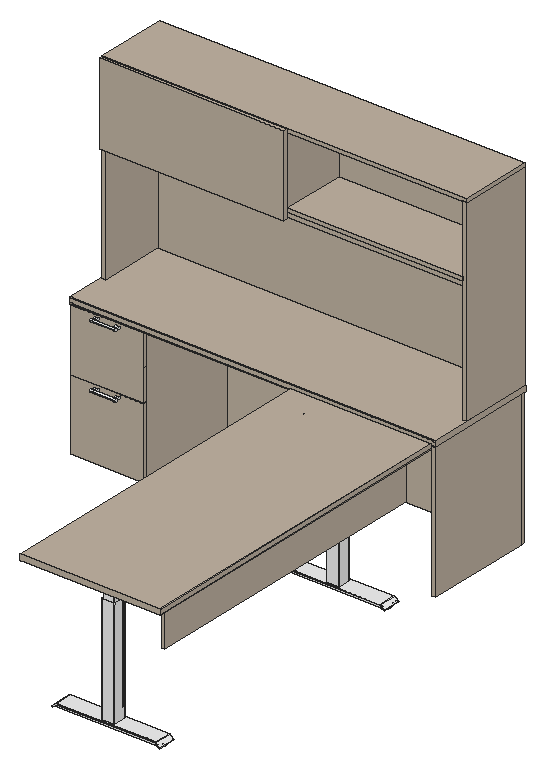
Revit family "JSI-Vision-Typical_Laminate-VST012", category Furniture, Revit 2020 (continued)
Definition of nested family "JSI-Vision-Adj_Table_Standard_Range"
  Definition of nested family "Adj Base"
    Dimensions and locks (in)
      Extrusion 8 sketch curve to Extrusion 8 sketch curve to plane 5 = 2.14567" locked, 5.02362" locked
      Extrusion 8 sketch curve to Extrusion 8 sketch curve to plane 3 "Center (Left/Right)" = 2.14567" locked, 5.02362" locked
      Extrusion 8 sketch curve to plane 1 "Center (Front/Back)" to Extrusion 8 sketch curve = 1.07283" locked, 1.07283" locked
      Extrusion 1 sketch curve to Extrusion 1 sketch curve to Extrusion 1 sketch curve to plane 4 = 1.57541" locked, 0.275" locked, 1.49065" locked
      Extrusion 1 sketch curve to Extrusion 1 sketch curve to Extrusion 1 sketch curve to Extrusion 1 sketch curve to plane 3 "Center (Left/Right)" = 0.5621" locked, 0.50019" locked, 7.59913" locked, 3.93731" locked
      plane 5 to Extrusion 1 sketch curve to Extrusion 1 sketch curve to Extrusion 1 sketch curve = 3.93731" locked, 7.59913" locked, 1.06228" locked
      Extrusion 2 sketch curve to Extrusion 2 sketch curve to Extrusion 2 sketch curve to Extrusion 2 sketch curve to plane 1 "Center (Front/Back)" to Extrusion 2 sketch curve to Extrusion 2 sketch curve to Extrusion 2 sketch curve to Extrusion 2 sketch curve = 0.09508" locked, 0.59852" locked, 3/32" locked, 1.91932" locked, 1.91932" locked, 3/32" locked, 0.59852" locked, 0.09508" locked
      locked: plane 4 to plane 6 at 1.1875
      Extrusion 8 to Extrusion 8 to plane 6 = 23.38581" locked, 2.15356" locked
      Extrusion 3 sketch curve to Extrusion 3 sketch curve to Extrusion 3 sketch curve to Extrusion 3 sketch curve to plane 1 "Center (Front/Back)" to Extrusion 3 sketch curve to Extrusion 3 sketch curve to Extrusion 3 sketch curve to Extrusion 3 sketch curve = 0.1181" locked, 0.35433" locked, 0.1181" locked, 2.03741" locked, 2.03741" locked, 0.1181" locked, 0.35433" locked, 0.1181" locked
      plane 6 to Extrusion 3 sketch curve to Extrusion 3 sketch curve to Extrusion 3 sketch curve to Extrusion 3 sketch curve = 0.19685" locked, 0.1181" locked, 0.5512" locked, 0.1181" locked
      Extrusion 9 sketch curve to Extrusion 9 sketch curve to Extrusion 9 sketch curve to Extrusion 9 sketch curve to plane 3 "Center (Left/Right)" = 1.41947" locked, 0.03723" locked, 0.11811" locked, 3 1/2" locked
      Extrusion 9 sketch curve to Extrusion 9 sketch curve to Extrusion 9 sketch curve to Extrusion 9 sketch curve to plane 5 = 1.41947" locked, 0.03723" locked, 0.11811" locked, 3 1/2" locked
      plane 6 to Extrusion 9 sketch curve to Extrusion 9 sketch curve to Extrusion 9 sketch curve = 0.11811" locked, 0.03723" locked, 2.01002" locked
      locked: plane 5 to Extrusion 10 at 1.99765
      locked: plane 3 "Center (Left/Right)" to Extrusion 10 at 1.99619
      Extrusion 10 sketch curve to plane 6 to Extrusion 10 sketch curve to Extrusion 10 sketch curve to Extrusion 10 sketch curve to Extrusion 10 sketch curve = 0.34478" locked, 0.37526" locked, 0.2783" locked, 1 1/2" locked, 0.50165" locked
      Extrusion 10 sketch curve to Extrusion 10 sketch curve to Extrusion 10 sketch curve to Extrusion 10 sketch curve to plane 1 "Center (Front/Back)" to Extrusion 10 sketch curve to Extrusion 10 sketch curve to Extrusion 10 sketch curve to Extrusion 10 sketch curve = 1/2" locked, 1/2" locked, 6.67046" locked, 2.47521" locked, 2.47521" locked, 6.67046" locked, 1/2" locked, 1/2" locked
      Extrusion 11 sketch curve to Extrusion 11 sketch curve to Extrusion 11 sketch curve to Extrusion 11 sketch curve to Extrusion 11 sketch curve to Extrusion 11 sketch curve to Extrusion 11 sketch curve to Extrusion 11 sketch curve = 3/32" locked, 0.59852" locked, 0.09508" locked, 3.83863" locked, 0.09508" locked, 0.59852" locked, 3/32" locked
      Extrusion 11 to Extrusion 3 to plane 5 = 5.86615" locked, 17.88976" locked
      Extrusion 2 to Extrusion 3 to plane 3 "Center (Left/Right)" = 5.86615" locked, 17.88976" locked
      Revolve 12 sketch curve to Revolve 12 sketch curve to Revolve 12 sketch curve to plane 7 = 0.1964" locked, 0.63019" locked, 0.15765" locked
      Revolve 13 sketch curve to Revolve 13 sketch curve to Revolve 13 sketch curve = 0.1964" locked, 0.63019" locked
      Revolve 13 to plane 1 "Center (Front/Back)" to Revolve 12 = 10.27547" locked, 10.27559" locked
      Revolve 14 sketch curve to Revolve 14 sketch curve to Revolve 14 sketch curve to plane 8 = 0.1964" locked, 0.63019" locked, 0.15765" locked
      Revolve 15 sketch curve to Revolve 15 sketch curve to Revolve 15 sketch curve = 0.1964" locked, 0.63019" locked
      Revolve 15 to Revolve 14 = 20.55106"
      Revolve 14 to plane 1 "Center (Front/Back)" to Revolve 15 = 10.27559" locked, 10.27547" locked
      locked: Extrusion 16 sketch curve to Extrusion 16 sketch curve at 0.62992
      Extrusion 16 sketch curve to plane 1 "Center (Front/Back)" to Extrusion 16 sketch curve = 11.14173" locked, 11.14173" locked
      "W Top": plane 3 "Center (Left/Right)" to plane 5
      locked: plane 3 "Center (Left/Right)" to plane 7 at 6.09647
      locked: plane 8 to plane 5 at 6.09647
      aligned and locked: plane 2 to level
      aligned and locked: Extrusion 7 to Extrusion 4
      aligned and locked: Extrusion 8 to Extrusion 1
      aligned and locked: Extrusion 3 sketch curve to Extrusion 3 sketch curve  (x2)
      aligned and locked: Extrusion 9 sketch curve to plane 6  (x2)
      aligned and locked: Extrusion 9 sketch curve to Extrusion 9 sketch curve  (x2)
      aligned and locked: Extrusion 2 to cut or joined group of Extrusion 9, Extrusion 10
      aligned and locked: Extrusion 10 sketch curve to Extrusion 10 sketch curve
      aligned and locked: Extrusion 11 to cut or joined group of Extrusion 9, Extrusion 10
      aligned and locked: plane 7 to Revolve 12 sketch curve
      aligned and locked: plane 8 to Revolve 14 sketch curve
      aligned and locked: curve 1 to Extrusion 4
      aligned and locked: curve 2 to Extrusion 4
      aligned and locked: curve 3 to Extrusion 4
      aligned and locked: curve 4 to Extrusion 4
      aligned and locked: curve 5 to Extrusion 6
      aligned and locked: Extrusion 6 to curve 6
      aligned and locked: curve 7 to Extrusion 6
      aligned and locked: curve 8 to Extrusion 6
      aligned and locked: curve 9 to cut or joined group of Extrusion 9, Extrusion 10
      aligned and locked: curve 10 to cut or joined group of Extrusion 9, Extrusion 10
      aligned and locked: cut or joined group of Extrusion 9, Extrusion 10 to curve 11
      aligned and locked: curve 12 to cut or joined group of Extrusion 9, Extrusion 10
      aligned and locked: curve 13 to cut or joined group of Extrusion 9, Extrusion 10
      aligned and locked: curve 14 to cut or joined group of Extrusion 9, Extrusion 10
      aligned and locked: curve 15 to cut or joined group of Extrusion 9, Extrusion 10
      aligned and locked: curve 16 to cut or joined group of Extrusion 9, Extrusion 10
      aligned and locked: Extrusion 2 to curve 31
      aligned and locked: Extrusion 2 to curve 32
      aligned and locked: Extrusion 11 to curve 31
      aligned and locked: Extrusion 11 to curve 32
      aligned and locked: Extrusion 2 to curve 33
      aligned and locked: Extrusion 2 to curve 34
      aligned and locked: Extrusion 11 to curve 33
      aligned and locked: Extrusion 11 to curve 34
    Automatic sketch dimensions
      Extrusion 3 sketch curve to Extrusion 3 sketch curve = 0.1181"  (x3)
      level to Extrusion 4 sketch curve = 1.1022"  (x2)
      Extrusion 4 sketch curve to Extrusion 4 sketch curve = 0.1607"  (x2)
      level to Extrusion 4 sketch curve = 0.99371"
      Extrusion 4 sketch curve to Extrusion 4 sketch curve = 0.07561"
      Extrusion 4 sketch curve to Extrusion 4 sketch curve = 0.08017"
      level to Extrusion 4 sketch curve = 0.99365"
      Extrusion 4 sketch curve to Extrusion 4 sketch curve = 0.09554"
      Extrusion 4 sketch curve to Extrusion 4 sketch curve = 0.01252"
      level to Extrusion 6 sketch curve = 0.4268"
      plane 1 "Center (Front/Back)" to Extrusion 6 sketch curve = 11.48879"
      level to Extrusion 6 sketch curve = 1.1022"  (x2)
      Extrusion 6 sketch curve to Extrusion 6 sketch curve = 0.1607"  (x2)
      level to Extrusion 6 sketch curve = 0.99371"
      Extrusion 6 sketch curve to Extrusion 6 sketch curve = 0.08017"
      level to Extrusion 6 sketch curve = 0.99365"
      Extrusion 6 sketch curve to Extrusion 6 sketch curve = 0.08035"
      level to Extrusion 16 sketch curve = 0.89789"
      level to Extrusion 16 sketch curve = 0.99365"
      Extrusion 16 sketch curve to Extrusion 16 sketch curve = 0.08035"
      Extrusion 16 sketch curve to Extrusion 16 sketch curve = 0.62321"
      Extrusion 16 sketch curve to Extrusion 16 sketch curve = 0.54294"
      Extrusion 16 sketch curve to Extrusion 16 sketch curve = 0.08017"
      Extrusion 16 sketch curve to Extrusion 16 sketch curve = 0.14516"  (x2)
      Extrusion 16 sketch curve to Extrusion 16 sketch curve = 0.12472"
      Extrusion 1 sketch curve to Extrusion 1 sketch curve = 0.5621"
      Extrusion 2 sketch curve to Extrusion 2 sketch curve = 0.0984"  (x4)
      Extrusion 2 sketch curve to plane 6 = 1.49606"  (x2)
      Extrusion 2 sketch curve to plane 6 = 0.21319"  (x2)
      level to Extrusion 5 sketch curve = 0.99371"
      Extrusion 5 sketch curve to Extrusion 5 sketch curve = 0.54294"
      Extrusion 5 sketch curve to Extrusion 5 sketch curve = 0.08017"
      Extrusion 5 sketch curve to Extrusion 5 sketch curve = 0.62321"
      level to Extrusion 5 sketch curve = 0.99365"
      Extrusion 5 sketch curve to Extrusion 5 sketch curve = 0.08035"
      Extrusion 5 sketch curve to Extrusion 5 sketch curve = 0.14516"  (x2)
      plane 7 to Extrusion 7 sketch curve = 1.25986"
      Extrusion 7 sketch curve to Extrusion 7 sketch curve = 0.09843"  (x4)
      Extrusion 7 sketch curve to plane 7 = 1.25982"
      plane 8 to Extrusion 7 sketch curve = 1.35825"
      Extrusion 7 sketch curve to plane 8 = 1.25986"
      plane 7 to Extrusion 8 sketch curve = 1.07285"
      Extrusion 8 sketch curve to Extrusion 8 sketch curve = 0.09843"  (x3)
      Extrusion 8 sketch curve to plane 7 = 1.07282"
      plane 8 to Extrusion 8 sketch curve = 1.17124"
      Extrusion 8 sketch curve to plane 8 = 1.14171"
      Extrusion 8 sketch curve to Extrusion 8 sketch curve = 0.07412"
      plane 1 "Center (Front/Back)" to Extrusion 8 sketch curve = 1.17126"
      Extrusion 8 sketch curve to plane 1 "Center (Front/Back)" = 1.02828"
      Extrusion 9 sketch curve to Extrusion 9 sketch curve = 0.00029"  (x2)
      Extrusion 10 sketch curve to plane 6 = 0.86607"  (x2)
      Extrusion 10 sketch curve to Extrusion 10 sketch curve = 0.09543"
      Extrusion 10 sketch curve to plane 6 = 2.12599"  (x2)
      Extrusion 10 sketch curve to Extrusion 10 sketch curve = 0.2863"
      plane 1 "Center (Front/Back)" to Extrusion 11 sketch curve = 2.70667"
      Extrusion 11 sketch curve to Extrusion 11 sketch curve = 3/32"
      Extrusion 11 sketch curve to Extrusion 11 sketch curve = 0.0984"  (x2)
      Extrusion 11 sketch curve to Extrusion 11 sketch curve = 0.09389"
      Extrusion 11 sketch curve to plane 6 = 0.11811"  (x2)
      Extrusion 11 sketch curve to Extrusion 11 sketch curve = 1.18447"
      Extrusion 11 sketch curve to Extrusion 11 sketch curve = 1.1858"
      plane 7 to Revolve 12 sketch curve = 0"
      Revolve 12 sketch curve to level = 0"
      level to Revolve 12 sketch curve = 0.19657"
      Revolve 12 sketch curve to Revolve 12 sketch curve = 0.1964"
      Revolve 12 sketch curve to Revolve 12 sketch curve = 0.55192"
      Revolve 12 sketch curve to Revolve 12 sketch curve = 0.16385"
      Revolve 12 sketch curve to Revolve 12 sketch curve = 0.05111"
      plane 7 to Revolve 13 sketch curve = 0"  (x2)
      plane 7 to Revolve 13 sketch curve = 0.15765"
      Revolve 13 sketch curve to level = 0"
      level to Revolve 13 sketch curve = 0.19657"
      Revolve 13 sketch curve to Revolve 13 sketch curve = 0.1964"
      Revolve 13 sketch curve to Revolve 13 sketch curve = 0.55192"
      Revolve 13 sketch curve to Revolve 13 sketch curve = 0.16385"
      Revolve 13 sketch curve to Revolve 13 sketch curve = 0.05111"
      Revolve 14 sketch curve to level = 0"
      plane 8 to Revolve 14 sketch curve = 0"
      level to Revolve 14 sketch curve = 0.19657"
      Revolve 14 sketch curve to Revolve 14 sketch curve = 0.1964"
      Revolve 14 sketch curve to Revolve 14 sketch curve = 0.55192"
      Revolve 14 sketch curve to Revolve 14 sketch curve = 0.16385"
      Revolve 14 sketch curve to Revolve 14 sketch curve = 0.05111"
      Revolve 15 sketch curve to level = 0"
      plane 8 to Revolve 15 sketch curve = 0"  (x2)
      plane 8 to Revolve 15 sketch curve = 0.15765"
      level to Revolve 15 sketch curve = 0.19657"
      Revolve 15 sketch curve to Revolve 15 sketch curve = 0.1964"
      Revolve 15 sketch curve to Revolve 15 sketch curve = 0.55192"
      Revolve 15 sketch curve to Revolve 15 sketch curve = 0.16385"
      Revolve 15 sketch curve to Revolve 15 sketch curve = 0.05111"
      plane 7 to curve 3 = 1.81102"
      plane 1 "Center (Front/Back)" to curve 28 = 1.91932"
      plane 1 "Center (Front/Back)" to curve 20 = 1.91932"
      curve 30 to plane 8 = 1.91634"
      curve 28 to curve 26 = 0.78735"
      curve 22 to curve 20 = 0.78735"
      curve 18 to plane 1 "Center (Front/Back)" = 1.91932"
      curve 23 to plane 1 "Center (Front/Back)" = 1.91932"
      curve 23 to curve 23 = 0.78735"
      curve 18 to curve 17 = 0.78735"
      curve 24 to curve 25 = 0"
      plane 1 "Center (Front/Back)" to curve 34 = 2.6279"
      plane 1 "Center (Front/Back)" to curve 33 = 2.03689"
      curve 22 to curve 20 = 0.78554"
      curve 23 to curve 32 = 0.1185"
      curve 31 to curve 17 = 0.07868"
      curve 6 to curve 13 = 0"
      curve 9 to curve 4 = 0"
Definition of nested family "JSI-Vision-Adj_Bridge_Modesty"
  Parameters (values of type "Modesty for Adj Bridge - Type Catalog Family")
    Width = 40"
    URL = "www.jsifurniture.com"
    Type Comments = ""
    Series = "Vision Casegoods"  # constant formula
    JSI Enviromental Website = "http://www.jsifurniture.com/jsi_sustainability_intro.php"
    Panel = none
    Height-Panel = 9"
    Height = 30"
    Default Elevation = 0"
    Bracket = none
    Model = "Type Catalog"
    Material = ""
    Manufacturer = "JSI"  # constant formula
    Keynote = "12500"  # constant formula
    Description = "Type Catalog"
    Assembly Code = "E2020200"
  Reference planes (in)
    plane 1 "Center Front/Back": y = 0
    plane 2: z = 0
    plane 3 "Center Left/Right": x = 0
    plane 4: z = 30
    plane 5: y = -0.75
    plane 6: x = 20
    plane 7: x = 40
    plane 8: z = 28.8125
    plane 9: x = 8.375
    plane 10: x = 31.625
    plane 11: z = 19.8125
  Forms (in)
    Extrusion 1, solid, material <- "Panel"
      sketch origin (-12, -1, 0) x (1, 0, 0) y (0, 0, -1)
        loop
          line (12, -28.8125) -> (52, -28.8125) -> (52, -19.8125) -> (12, -19.8125) -> (12, -28.8125)
      from 0.25 to 1
    Extrusion 2, solid, material <- "Bracket", detail levels medium+fine
      sketch origin (-12, -1, 0) x (0, -1, 0) y (0, 0, -1)
        loop
          line (1, -28.8125) -> (1, -28.6875) -> (-0.125, -28.6875) -> (-0.125, -22.8125) -> (-0.25, -22.8125) -> (-0.25, -28.8125) -> (1, -28.8125)
      from 20 to 20.75
    Extrusion 3, solid, material <- "Bracket", detail levels medium+fine
      sketch origin (11.625, -1, 0) x (0, -1, 0) y (0, 0, -1)
        loop
          line (1, -28.8125) -> (1, -28.6875) -> (-0.125, -28.6875) -> (-0.125, -22.8125) -> (-0.25, -22.8125) -> (-0.25, -28.8125) -> (1, -28.8125)
      from 8 to 8.75
    Extrusion 4, solid, material <- "Bracket", detail levels medium+fine
      sketch origin (35.25, -1, 0) x (0, -1, 0) y (0, 0, -1)
        loop
          line (1, -28.8125) -> (1, -28.6875) -> (-0.125, -28.6875) -> (-0.125, -22.8125) -> (-0.25, -22.8125) -> (-0.25, -28.8125) -> (1, -28.8125)
      from -4 to -3.25
  Lines and regions (in)
    symbolic lines
      curve 1: line (0, 0, 0) -> (40, 0, 0)
      curve 2: line (0, -0.75, 0) -> (0, 0, 0)
      curve 3: line (40, -0.75, 0) -> (0, -0.75, 0)
      curve 4: line (40, 0, 0) -> (40, -0.75, 0)
  Dimensions and locks (in)
    locked: Extrusion 2 to Extrusion 2 at 0.75
    locked: Extrusion 3 to Extrusion 3 at 0.75
    locked: Extrusion 4 to Extrusion 4 at 0.75
    locked: plane 10 to plane 7 at 8.375
    equal spacing: Extrusion 2, plane 9, Extrusion 2
    equal spacing: Extrusion 4, plane 10, Extrusion 4
    "Height": plane 4 to plane 2
    "Height-Panel": plane 8 to plane 11
    locked: plane 4 to plane 8 at 1.1875
    equal spacing: plane 3 "Center Left/Right", plane 6, plane 7
    "Width": plane 3 "Center Left/Right" to plane 7
    equal spacing: Extrusion 3, plane 6, Extrusion 3
    locked: plane 3 "Center Left/Right" to plane 9 at 8.375
    aligned and locked: level to plane 2
    aligned and locked: Extrusion 1 to plane 5
    aligned and locked: Extrusion 1 to plane 7
    aligned and locked: plane 8 to Extrusion 1
    aligned and locked: plane 8 to Extrusion 2
    aligned and locked: plane 8 to Extrusion 3
    aligned and locked: plane 8 to Extrusion 4
    aligned and locked: curve 3 to Extrusion 1
    aligned and locked: plane 7 to curve 4
    aligned and locked: curve 1 to Extrusion 1
    aligned and locked: Extrusion 1 to plane 11
    aligned and locked: Extrusion 1 to plane 1 "Center Front/Back"
    aligned and locked: Extrusion 1 to plane 3 "Center Left/Right"
  Automatic sketch dimensions
    plane 7 to Extrusion 1 sketch curve = 0"
    Extrusion 1 sketch curve to plane 8 = 0"
    Extrusion 1 sketch curve to Extrusion 1 sketch curve = 9"
    Extrusion 2 sketch curve to plane 5 = 0"
    Extrusion 2 sketch curve to plane 8 = 0"
    Extrusion 2 sketch curve to Extrusion 2 sketch curve = 1/8"
    Extrusion 2 sketch curve to plane 8 = 1/8"
    Extrusion 2 sketch curve to Extrusion 2 sketch curve = 1 1/8"
    Extrusion 2 sketch curve to Extrusion 2 sketch curve = 5 7/8"
    Extrusion 3 sketch curve to plane 5 = 0"
    Extrusion 3 sketch curve to plane 8 = 0"
    Extrusion 3 sketch curve to Extrusion 3 sketch curve = 1/8"
    Extrusion 3 sketch curve to plane 8 = 1/8"
    Extrusion 3 sketch curve to Extrusion 3 sketch curve = 1 1/8"
    Extrusion 3 sketch curve to Extrusion 3 sketch curve = 5 7/8"
    Extrusion 4 sketch curve to plane 5 = 0"
    Extrusion 4 sketch curve to plane 8 = 0"
    Extrusion 4 sketch curve to Extrusion 4 sketch curve = 1/8"
    Extrusion 4 sketch curve to plane 8 = 1/8"
    Extrusion 4 sketch curve to Extrusion 4 sketch curve = 1 1/8"
    Extrusion 4 sketch curve to Extrusion 4 sketch curve = 5 7/8"
    plane 9 to curve 1 = 8 3/8"
    plane 9 to Extrusion 1 sketch curve = 8 3/8"
